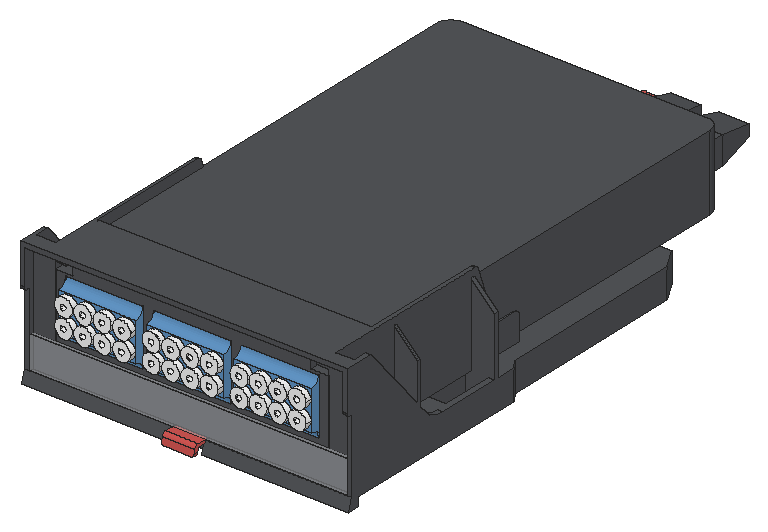
Revit family "Casetes MTP", category Installations électriques, Revit 2020
Family settings
  Conserver l'orientation des annotations = Non
  Cote de connecteur circulaire = Utiliser le diamètre
  Type d'élément = Normal
  Basée sur le plan de construction = Non
  Toujours verticalement = Oui
  Couper avec des vides une fois chargée = Non
  Partagée = Non
  Point de calcul de pièce = Non
Parameters (values of type "Casete MTP 24 LC OS2 panel HD Ultra")
  Formulación BIM = "Casete MTP 24 LC OS2 panel HD Ultra"
  Profundidad = 196 mm
  Altura = 43.7 mm
  Color = IDS_NOIR
  Tipo de conector interno = "MT/MPO"
  Temperatura operativa = "-10°C à 60°C"
  E-catalogo enlace = "https://www.legrand.fr/reference/032144/pro"
  Clasificación ETIM = "EC001130"
  Con conexiones flexibles = no
  Con placa delantera = no
  Adecuado para número de conectores = 24
  Conectores LC = Conectores LC : 24 fibras OS2 monomodal
  Elévation par défaut = 0 mm
  EAN = "3414970962188"
  Conectores SC = Conectores SC : 12 fibras OM4 multimodal
  Visibilidad de los conectores = Número de conectores parte delantera = 2  # yes
  Visibilidad conectores LC = yes
  Visibilidad conectores SC = no
  Con carcasa = yes
  Clase de la fibra óptica = "OS2"
  Cruzado = no
  Función = "Casete slim alta densidad MTP"
  Número de conectores parte delantera = 2
  Número de conectores parte trasera = 24
  Temperatura de almacenamiento = "-10°C à 60°C"
  Tipo de conector externo = "LC_DUPLEX"
  Tipo de la fibra óptica = "unimodal"
  Anchura (mm) = 110 mm
  Número de pieza Legrand = "032144"
Reference planes
  plane 1 "Centre (avant/arrière)": y = 0
  plane 2: z = 0
  plane 3 "Centre (gauche/droite)": x = 0
  plane 4: x = 110
  plane 5: x = 55
  plane 6: z = 10
  plane 7: z = 40.5
  plane 8: x = 8
  plane 9: y = 143
  plane 10: z = 37.3
  plane 11: x = 96
  plane 12: z = 29.3
  plane 13: y = 166.5
  plane 14: x = 80
  plane 15: x = 12.5
  plane 16: z = 13.8
  plane 17: y = 1.5
  plane 18: y = 27.5
  plane 19: z = 30
  plane 20: z = 38
  plane 21: z = 30
  plane 22: z = 38
  plane 23: z = 30
  plane 24: z = 38
  plane 25: z = 30
  plane 26: z = 38
Forms (mm)
  Extrusion 1, solid, material "IDS_NOIR" <- "Color"
    sketch origin (0, 0, 0) x (1, 0, 0) y (0, 1, 0)
      loop
        line (110, 0) -> (110, 68) -> (107.5, 71.441) -> (107.5, 135.5) -> (103.17, 143) -> (55, 143) -> (6.83, 143) -> (2.5, 135.5) -> (2.5, 71.441) -> (0, 68) -> (0, 0) -> (110, 0)
      loop
        line (2, 60) -> (2, 42) -> (10, 42) -> (10, 60) -> (2, 60)
      loop
        line (108, 60) -> (100, 60) -> (100, 42) -> (108, 42) -> (108, 60)
    from 0 to 10
  Extrusion 2, solid, material "IDS_NOIR" <- "Color"
    sketch origin (0, 0, 0) x (0, 1, 0) y (0, 0, 1)
      loop
        arc (38, 10) -> (33.774, 10.937) -> (30.34, 13.572) r 10
        line (30.34, 13.572) -> (7.744, 40.5) -> (-2, 40.5) -> (-2, 27)
        arc (-2, 27) -> (-1.707, 26.293) -> (-1, 26) r 1
        line (-1, 26) -> (0, 26) -> (0, 10) -> (38, 10)
    from 0 to 1.5
  Extrusion 3, solid, material "IDS_NOIR" <- "Color"
    sketch origin (110, 0, 0) x (0, 1, 0) y (0, 0, -1)
      loop
        line (38, -10) -> (0, -10) -> (0, -26) -> (-1, -26)
        arc (-1, -26) -> (-1.707, -26.293) -> (-2, -27) r 1
        line (-2, -27) -> (-2, -40.5) -> (7.744, -40.5) -> (30.34, -13.572)
        arc (30.34, -13.572) -> (33.774, -10.937) -> (38, -10) r 10
    from 0 to 1.5
  Extrusion 4, solid, material "IDS_NOIR" <- "Color"
    sketch origin (0, 45.834, 40.5) x (0, 1, 0) y (-1, 0, 0)
      loop
        line (-47.834, -1.5) -> (-47.834, -108.5) -> (-42.834, -108.5) -> (-42.834, -101) -> (-26.334, -101) -> (-26.334, -9) -> (-42.834, -9) -> (-42.834, -1.5) -> (-47.834, -1.5)
    from -1.5 to 0
  Extrusion 5, solid, material "IDS_NOIR" <- "Color"
    sketch origin (8, -1524, 47.803) x (0, 0, 1) y (0, -1, 0)
      loop
        line (-7.303, -1527) -> (-37.803, -1527) -> (-37.803, -1604) -> (-29.803, -1604)
        arc (-29.803, -1604) -> (-28.742, -1603.561) -> (-28.303, -1602.5) r 1.5
        line (-28.303, -1602.5) -> (-28.303, -1595.05)
        arc (-28.303, -1595.05) -> (-28.032, -1594.19) -> (-27.316, -1593.641) r 1.5
        line (-27.316, -1593.641) -> (-8.29, -1586.716)
        arc (-8.29, -1586.716) -> (-7.574, -1586.167) -> (-7.303, -1585.306) r 1.5
        line (-7.303, -1585.306) -> (-7.303, -1527)
    from 0 to 1
  Extrusion 6, solid, material "IDS_NOIR" <- "Color"
    sketch origin (102, -1524, 47.803) x (0, 0, 1) y (0, 1, 0)
      loop
        line (-7.303, 1527) -> (-7.303, 1585.306)
        arc (-7.303, 1585.306) -> (-7.574, 1586.167) -> (-8.29, 1586.716) r 1.5
        line (-8.29, 1586.716) -> (-27.316, 1593.641)
        arc (-27.316, 1593.641) -> (-28.032, 1594.19) -> (-28.303, 1595.05) r 1.5
        line (-28.303, 1595.05) -> (-28.303, 1602.5)
        arc (-28.303, 1602.5) -> (-28.742, 1603.561) -> (-29.803, 1604) r 1.5
        line (-29.803, 1604) -> (-37.803, 1604) -> (-37.803, 1527) -> (-7.303, 1527)
    from 0 to 1
  Extrusion 7, solid, material "IDS_NOIR" <- "Color"
    sketch origin (108.5, 3, 40.5) x (-1, 0, 0) y (0, 0, 1)
      loop
        line (107, -1.5) -> (0, -1.5) -> (0, -31.5) -> (107, -31.5) -> (107, -1.5)
      loop
        line (99.5, -4.5) -> (95.5, -4.5) -> (95.5, -2.7) -> (11.5, -2.7) -> (11.5, -4.5) -> (7.5, -4.5) -> (7.5, -28.5) -> (99.5, -28.5) -> (99.5, -4.5)
    from 0 to -1.5
  Extrusion 8, void
    sketch origin (0, 0, 0) x (1, 0, 0) y (0, 0, 1)
      loop
        line (1.5, 10) -> (1.5, 0) -> (108.5, 0) -> (108.5, 10) -> (1.5, 10)
    from 0 to -1.5
  Extrusion 9, solid, material "IDS_NOIR" <- "Color"
    sketch origin (0, 0, 0) x (0, 1, 0) y (0, 0, 1)
      loop
        line (0, 1) -> (-1.399, -3) -> (2.5, -3) -> (2.5, 1) -> (0, 1)
    from 0 to 110
  Extrusion 10, solid, material "IDS_TRANSPARENT"
    sketch origin (0, 0, 0) x (1, 0, 0) y (0, 0, 1)
      loop
        line (1.5, 1) -> (108.5, 1) -> (108.5, 12) -> (1.5, 12) -> (1.5, 1)
    from 0 to -1.5
  Extrusion 11, solid, material "IDS_NOIR"
    sketch origin (0, 207.846, 10) x (0, 1, 0) y (-1, 0, 0)
      loop
        line (-206.346, -9) -> (-206.346, -101) -> (-46.346, -101)
        arc (-46.346, -101) -> (-42.811, -99.536) -> (-41.346, -96) r 5
        line (-41.346, -96) -> (-41.346, -14)
        arc (-41.346, -14) -> (-42.811, -10.464) -> (-46.346, -9) r 5
        line (-46.346, -9) -> (-206.346, -9)
    from 2 to 27.3
  Extrusion 12, solid, material "IDS_NOIR" <- "Color"
    sketch origin (0, 178.814, 29.3) x (0, 1, 0) y (-1, 0, 0)
      loop
        line (-12.314, -96) -> (-5.514, -96) -> (-5.514, -83) -> (-12.314, -83) -> (-12.314, -96)
    from 0 to -9.5
  Blend 13, solid, material "IDS_NOIR" <- "Color"
    base sketch origin (0, 0, 0) x (1, 0, 0) y (0, 0, 1)
      loop
        line (94.5, 26.55) -> (84.5, 26.55) -> (84.5, 22.55) -> (94.5, 22.55) -> (94.5, 26.55)
    top sketch origin (0, 0, 0) x (1, 0, 0) y (0, 0, 1)
      loop
        line (96, 29.3) -> (83, 29.3) -> (83, 19.8) -> (96, 19.8) -> (96, 29.3)
    from -185.8 to -173.3
  Extrusion 14, solid, material "IDS_NOIR" <- "Color", visible <- "Visibilidad de los conectores"
    sketch origin (-16, 178.814, 29.3) x (0, 1, 0) y (-1, 0, 0)
      loop
        line (-12.314, -96) -> (-5.514, -96) -> (-5.514, -83) -> (-12.314, -83) -> (-12.314, -96)
    from 0 to -9.5
  Blend 15, solid, material "IDS_NOIR" <- "Color", visible <- "Visibilidad de los conectores"
    base sketch origin (-16, 0, 0) x (1, 0, 0) y (0, 0, 1)
      loop
        line (94.5, 26.55) -> (84.5, 26.55) -> (84.5, 22.55) -> (94.5, 22.55) -> (94.5, 26.55)
    top sketch origin (-16, 0, 0) x (1, 0, 0) y (0, 0, 1)
      loop
        line (96, 29.3) -> (83, 29.3) -> (83, 19.8) -> (96, 19.8) -> (96, 29.3)
    from -185.8 to -173.3
  Extrusion 16, void
    sketch origin (0, 1.5, 0) x (-1, 0, 0) y (0, 0, 1)
      loop
        line (-9, 37.8) -> (-15, 37.8) -> (-15, 33.8) -> (-9, 33.8) -> (-9, 37.8)
      loop
        line (-101, 37.8) -> (-101, 33.8) -> (-95, 33.8) -> (-95, 37.8) -> (-101, 37.8)
      loop
        line (-12.5, 32.8) -> (-38.5, 32.8) -> (-38.5, 13.8) -> (-12.5, 13.8) -> (-12.5, 32.8)
      loop
        line (-97.5, 32.8) -> (-97.5, 13.8) -> (-71.5, 13.8) -> (-71.5, 32.8) -> (-97.5, 32.8)
      loop
        line (-68, 32.8) -> (-68, 13.8) -> (-42, 13.8) -> (-42, 32.8) -> (-68, 32.8)
    from 0 to 8.6
  Extrusion 17, void
    sketch origin (0, 0, 0) x (1, 0, 0) y (0, 0, 1)
      loop
        line (49.5, -3) -> (60.5, -3) -> (60.5, 1) -> (49.5, 1) -> (49.5, -3)
    from -1.5 to 1.5
  Extrusion 18, solid, material "IDS_ROUGE"
    sketch origin (49.5, 0, -2.301) x (0, 0, -1) y (0, 1, 0)
      loop
        line (-3.301, 1.5) -> (-3.301, -2.7)
        arc (-3.301, -2.7) -> (-2.95, -3.664) -> (-2.061, -4.177) r 1.5
        line (-2.061, -4.177) -> (0.127, -4.563) -> (0.301, -3.578) -> (-1.64, -3.236)
        arc (-1.64, -3.236) -> (-2.114, -2.963) -> (-2.301, -2.448) r 0.8
        line (-2.301, -2.448) -> (-2.301, 1.5) -> (-3.301, 1.5)
    from 0 to 11
  Extrusion 19, void
    sketch origin (49.5, -3.973, 0.92) x (0, 0.173648, 0.984808) y (1, 0, 0)
      loop
        line (-3.399, 1) -> (-3.399, 0) -> (-2.399, 0)
        arc (-2.399, 0) -> (-3.107, 0.293) -> (-3.399, 1) r 1
      loop
        arc (-3.399, 10) -> (-3.107, 10.707) -> (-2.399, 11) r 1
        line (-2.399, 11) -> (-3.399, 11) -> (-3.399, 10)
    from 0 to 1
  Extrusion 20, solid, material "IDS_ROUGE"
    sketch origin (0, 207.846, 12) x (-1, 0, 0) y (0, 1, 0)
      loop
        arc (-49, -41.346) -> (-45.464, -39.882) -> (-44, -36.346) r 5
        line (-44, -36.346) -> (-44, -21.346)
        arc (-44, -21.346) -> (-45.464, -17.811) -> (-49, -16.346) r 5
        line (-49, -16.346) -> (-61, -16.346)
        arc (-61, -16.346) -> (-64.536, -17.811) -> (-66, -21.346) r 5
        line (-66, -21.346) -> (-66, -36.346)
        arc (-66, -36.346) -> (-64.536, -39.882) -> (-61, -41.346) r 5
        line (-61, -41.346) -> (-49, -41.346)
      loop
        arc (-45.2, -21.346) -> (-46.313, -18.659) -> (-49, -17.546) r 3.8
        line (-49, -17.546) -> (-61, -17.546)
        arc (-61, -17.546) -> (-63.687, -18.659) -> (-64.8, -21.346) r 3.8
        line (-64.8, -21.346) -> (-64.8, -36.346)
        arc (-64.8, -36.346) -> (-63.687, -39.033) -> (-61, -40.146) r 3.8
        line (-61, -40.146) -> (-49, -40.146)
        arc (-49, -40.146) -> (-46.313, -39.033) -> (-45.2, -36.346) r 3.8
        line (-45.2, -36.346) -> (-45.2, -21.346)
    from 0 to -5.5
  Extrusion 21, solid, material "IDS_ROUGE"
    sketch origin (0, 207.846, 12) x (0, -1, 0) y (-1, 0, 0)
      loop
        line (17.546, -49) -> (17.546, -61)
        arc (17.546, -61) -> (18.659, -63.687) -> (21.346, -64.8) r 3.8
        line (21.346, -64.8) -> (36.346, -64.8)
        arc (36.346, -64.8) -> (39.033, -63.687) -> (40.146, -61) r 3.8
        line (40.146, -61) -> (40.146, -49)
        arc (40.146, -49) -> (39.033, -46.313) -> (36.346, -45.2) r 3.8
        line (36.346, -45.2) -> (21.346, -45.2)
        arc (21.346, -45.2) -> (18.659, -46.313) -> (17.546, -49) r 3.8
      loop
        line (18.546, -53.5) -> (18.546, -56.5)
        arc (18.546, -56.5) -> (20.597, -61.45) -> (25.546, -63.5) r 7
        line (25.546, -63.5) -> (32.146, -63.5)
        arc (32.146, -63.5) -> (37.096, -61.45) -> (39.146, -56.5) r 7
        line (39.146, -56.5) -> (39.146, -53.5)
        arc (39.146, -53.5) -> (37.096, -48.55) -> (32.146, -46.5) r 7
        line (32.146, -46.5) -> (25.546, -46.5)
        arc (25.546, -46.5) -> (20.597, -48.55) -> (18.546, -53.5) r 7
    from 0 to -1.2
  Extrusion 22, solid, material "IDS_ROUGE"
    sketch origin (0, 0, 0) x (1, 0, 0) y (0, 1, 0)
      loop
        line (49, 191.5) -> (61, 191.5) -> (61, 197.5)
        arc (61, 197.5) -> (60.707, 198.207) -> (60, 198.5) r 1
        line (60, 198.5) -> (50, 198.5)
        arc (50, 198.5) -> (49.293, 198.207) -> (49, 197.5) r 1
        line (49, 197.5) -> (49, 191.5)
    from 15 to 12
  Extrusion 23, solid, material "IDS_NOIR" <- "Color"
    sketch origin (-16.315, 27.5, 1200) x (-1, 0, 0) y (0, 0, 1)
      loop
        line (-16.315, -1200) -> (-16.315, -1170) -> (-24.315, -1162) -> (-24.315, -1200) -> (-16.315, -1200)
      loop
        line (-126.315, -1200) -> (-118.315, -1200) -> (-118.315, -1162) -> (-126.315, -1170) -> (-126.315, -1200)
    from 0 to 1
  Extrusion 24, solid, material "IDS_NOIR" <- "Color"
    sketch origin (-16.315, 60, 1200) x (-1, 0, 0) y (0, 0, 1)
      loop
        line (-16.315, -1200) -> (-16.315, -1170) -> (-24.315, -1162) -> (-24.315, -1200) -> (-16.315, -1200)
      loop
        line (-126.315, -1200) -> (-118.315, -1200) -> (-118.315, -1162) -> (-126.315, -1170) -> (-126.315, -1200)
    from 0 to 1
Cuts and joins
  Extrusion 8, Extrusion 17 cuts Extrusion 1
  Extrusion 8, Extrusion 17 cuts Extrusion 2
  Extrusion 8, Extrusion 17 cuts Extrusion 3
  Extrusion 8, Extrusion 17 cuts Extrusion 4
  Extrusion 17 cuts Extrusion 5
  Extrusion 17 cuts Extrusion 6
  Extrusion 17 cuts Extrusion 7
  Extrusion 17 cuts Extrusion 9
  joined: Extrusion 1, Extrusion 2, Extrusion 3, Extrusion 4, Extrusion 5, Extrusion 6, Extrusion 7, Extrusion 9, Extrusion 23, Extrusion 24
  joined: Extrusion 12, Blend 13
  Extrusion 16 cuts Extrusion 11
  Extrusion 19 cuts Extrusion 18
  joined: Extrusion 20, Extrusion 21, Extrusion 22
Dimensions and locks
  "Anchura (mm)": plane 4 to plane 3 "Centre (gauche/droite)"
  equal spacing: plane 3 "Centre (gauche/droite)", plane 5, plane 4, locked at 55 each
  locked: Extrusion 1 sketch curve to plane 5 at 52.5  (x2)
  locked: Extrusion 1 sketch curve to Extrusion 1 sketch curve at 68  (x2)
  Extrusion 1 sketch curve to Extrusion 1 sketch curve = 7.5 mm  (x2)
  locked: Extrusion 1 sketch curve to Extrusion 1 sketch curve at 2  (x2)
  locked: Extrusion 1 sketch curve to Extrusion 1 sketch curve at 8  (x2)
  locked: Extrusion 1 sketch curve to Extrusion 1 sketch curve at 42  (x2)
  locked: Extrusion 1 sketch curve to Extrusion 1 sketch curve at 18  (x2)
  locked: plane 6 to plane 2 at 10
  plane 7 to level = 40.5 mm
  locked: Extrusion 2 sketch curve to Extrusion 2 sketch curve at 38
  Extrusion 2 sketch curve to Extrusion 2 sketch curve = 2 mm
  Extrusion 2 sketch curve to Extrusion 1 = 16 mm
  locked: Extrusion 3 sketch curve to Extrusion 3 sketch curve at 38
  Extrusion 3 sketch curve to Extrusion 3 sketch curve = 2 mm
  locked: Extrusion 4 sketch curve to Extrusion 4 sketch curve at 5
  locked: Extrusion 5 sketch curve to cut or joined group 1 (Extrusion 1, Extrusion 2, Extrusion 3, Extrusion 4, Extrusion 5, Extrusion 6, Extrusion 7, Extrusion 8, Extrusion 9, Extrusion 17, Extrusion 23, Extrusion 24) at 5
  locked: Extrusion 5 sketch curve to Extrusion 5 sketch curve at 77
  Extrusion 5 sketch curve to cut or joined group 1 = 9.5 mm
  Extrusion 5 sketch curve to Extrusion 5 sketch curve = 8.95 mm
  locked: plane 8 to plane 3 "Centre (gauche/droite)" at 8
  locked: Extrusion 6 sketch curve to Extrusion 6 sketch curve at 77
  Extrusion 6 sketch curve to Extrusion 6 sketch curve = 8.95 mm
  Extrusion 4 sketch curve to cut or joined group 1 = 21.5 mm
  locked: Extrusion 7 sketch curve to level at 12
  locked: Extrusion 7 sketch curve to Extrusion 7 sketch curve at 24
  locked: Extrusion 7 sketch curve to Extrusion 7 sketch curve at 1.8
  locked: Extrusion 7 sketch curve to Extrusion 7 sketch curve at 84
  cut or joined group 1 to cut or joined group 1 = 6.5 mm  (x2)
  locked: cut or joined group 1 to plane 3 "Centre (gauche/droite)" at 13
  locked: Extrusion 9 sketch curve to plane 1 "Centre (avant/arrière)" at 2.5
  locked: level to Extrusion 9 sketch curve at 3
  locked: Extrusion 9 sketch curve to Extrusion 9 sketch curve at 4
  plane 1 "Centre (avant/arrière)" to plane 9 = 143 mm
  locked: plane 10 to level at 37.3
  locked: plane 11 to Extrusion 11 at 5
  locked: Extrusion 12 sketch curve to Extrusion 11 at 6.8
  locked: Extrusion 12 sketch curve to plane 11 at 13
  plane 10 to plane 12 = 8 mm
  locked: Extrusion 12 to plane 12 at 9.5
  locked: plane 13 to plane 1 "Centre (avant/arrière)" at 166.5
  locked: Extrusion 14 sketch curve to plane 14 at 13
  Extrusion 16 sketch curve to Extrusion 16 sketch curve to plane 5 = 6 mm, 40 mm  (x2)
  locked: Extrusion 16 sketch curve to Extrusion 16 sketch curve at 4  (x2)
  locked: Extrusion 11 to Extrusion 16 sketch curve at 3.5
  locked: cut or joined group 1 to Extrusion 16 sketch curve at 5
  locked: Extrusion 16 sketch curve to Extrusion 16 sketch curve at 19  (x3)
  locked: Extrusion 16 sketch curve to Extrusion 16 sketch curve at 26  (x3)
  cut or joined group 1 to Extrusion 16 sketch curve = 5 mm
  Extrusion 11 to Extrusion 16 sketch curve = 3.5 mm
  locked: Extrusion 16 sketch curve to Extrusion 16 sketch curve at 3.5  (x2)
  locked: Extrusion 17 sketch curve to plane 5 at 5.5  (x2)
  cut or joined group 1 to Extrusion 18 sketch curve = 4 mm
  cut or joined group 1 to Extrusion 18 sketch curve = 2.7 mm
  locked: plane 5 to Extrusion 20 sketch curve at 11
  locked: Extrusion 20 sketch curve to plane 5 at 11
  locked: Extrusion 20 sketch curve to cut or joined group of Extrusion 11, Extrusion 16 at 25
  Extrusion 21 sketch curve to plane 5 = 8.5 mm
  plane 5 to Extrusion 21 sketch curve = 8.5 mm
  Extrusion 21 sketch curve to Extrusion 20 = 1 mm  (x2)
  Extrusion 22 sketch curve to cut or joined group of Extrusion 20, Extrusion 21, Extrusion 22 = 7 mm
  Extrusion 22 sketch curve to plane 5 = 6 mm
  plane 5 to Extrusion 22 sketch curve = 6 mm
  locked: plane 1 "Centre (avant/arrière)" to plane 18 at 27.5
  plane 19 to level = 30 mm
  plane 20 to level = 38 mm
  radius of Extrusion 2 sketch curve = 10 mm
  radius of Extrusion 3 sketch curve = 10 mm
  radius of Extrusion 11 sketch curve = 5 mm  (x2)
  radius of Extrusion 20 sketch curve = 5 mm  (x4)
  locked: Extrusion 1 sketch curve to Extrusion 1 sketch curve (angle 150.00°)  (x2)
  angle Extrusion 1 sketch curve to Extrusion 1 sketch curve = 144.00°  (x2)
  locked: Extrusion 2 sketch curve to Extrusion 2 sketch curve (angle 130.00°)
  angle Extrusion 3 sketch curve to Extrusion 3 sketch curve = 130.00°
  locked: Extrusion 5 sketch curve to Extrusion 5 sketch curve (angle 110.00°)
  angle Extrusion 6 sketch curve to Extrusion 6 sketch curve = 110.00°
  locked: Extrusion 18 sketch curve to Extrusion 18 sketch curve (angle 100.00°)
  aligned and locked: level to plane 2
  aligned and locked: plane 4 to Extrusion 1 sketch curve
  aligned and locked: Extrusion 1 sketch curve to plane 1 "Centre (avant/arrière)"
  aligned and locked: plane 3 "Centre (gauche/droite)" to Extrusion 1 sketch curve
  aligned and locked: plane 5 to Extrusion 1 sketch curve  (x2)
  aligned and locked: plane 6 to Extrusion 1
  aligned and locked: plane 6 to Extrusion 2 sketch curve
  aligned and locked: Extrusion 2 sketch curve to Extrusion 1
  aligned and locked: Extrusion 2 sketch curve to plane 7
  aligned and locked: Extrusion 3 to plane 4
  aligned and locked: cut or joined group 1 to Extrusion 4 sketch curve
  aligned and locked: Extrusion 4 sketch curve to cut or joined group 1  (x2)
  aligned and locked: plane 7 to Extrusion 4
  aligned and locked: plane 6 to Extrusion 5 sketch curve
  aligned and locked: Extrusion 5 sketch curve to plane 7
  aligned and locked: Extrusion 5 to plane 8
  aligned and locked: Extrusion 4 sketch curve to Extrusion 5
  aligned and locked: Extrusion 4 sketch curve to Extrusion 6
  aligned and locked: Extrusion 4 sketch curve to Extrusion 4 sketch curve
  aligned and locked: Extrusion 8 sketch curve to cut or joined group 1  (x3)
  aligned and locked: Extrusion 7 sketch curve to Extrusion 7 sketch curve
  aligned and locked: plane 1 "Centre (avant/arrière)" to Extrusion 9 sketch curve
  aligned and locked: Extrusion 9 to plane 4
  aligned and locked: Extrusion 10 sketch curve to cut or joined group 1  (x4)
  aligned and locked: Extrusion 10 to cut or joined group 1
  aligned and locked: Extrusion 1 sketch curve to plane 9
  aligned and locked: Extrusion 11 sketch curve to cut or joined group 1  (x3)
  aligned and locked: Extrusion 11 to plane 10
  aligned and locked: plane 11 to Extrusion 12 sketch curve
  aligned and locked: Blend 13 sketch curve to Extrusion 12  (x4)
  aligned and locked: Blend 13 to Extrusion 12
  aligned and locked: plane 13 to Extrusion 11
  aligned and locked: plane 13 to Extrusion 11 sketch curve
  aligned and locked: plane 14 to Extrusion 14 sketch curve
  aligned and locked: Blend 15 sketch curve to Extrusion 14  (x4)
  aligned and locked: Blend 15 to Extrusion 14
  aligned and locked: Extrusion 11 to cut or joined group 1
  aligned and locked: plane 16 to cut or joined group of Extrusion 11, Extrusion 16
  aligned and locked: plane 15 to cut or joined group of Extrusion 11, Extrusion 16
  aligned and locked: plane 17 to cut or joined group 1
  aligned and locked: cut or joined group 1 to Extrusion 17 sketch curve  (x2)
  aligned and locked: Extrusion 7 to Extrusion 17
  aligned and locked: plane 17 to Extrusion 18 sketch curve  (x2)
  aligned and locked: cut or joined group 1 to Extrusion 18
  aligned and locked: Extrusion 18 to Extrusion 19
  aligned and locked: Extrusion 20 sketch curve to plane 13
  aligned and locked: Extrusion 21 sketch curve to Extrusion 20  (x2)
  aligned and locked: Extrusion 22 sketch curve to cut or joined group of Extrusion 20, Extrusion 21, Extrusion 22
  aligned and locked: plane 15 to nested 1
  aligned and locked: plane 15 to nested 2
  aligned and locked: nested 2 to nested 1
  aligned and locked: Extrusion 23 sketch curve to plane 3 "Centre (gauche/droite)"
  aligned and locked: plane 8 to Extrusion 23 sketch curve
  aligned and locked: Extrusion 23 sketch curve to plane 2
Automatic sketch dimensions
  Extrusion 2 sketch curve to plane 6 = 0 mm
  Extrusion 2 sketch curve to Extrusion 2 sketch curve = 1 mm
  Extrusion 2 sketch curve to plane 16 = 0.228 mm
  Extrusion 2 sketch curve to Extrusion 2 sketch curve = 0 mm
  Extrusion 3 sketch curve to plane 7 = 0 mm
  Extrusion 3 sketch curve to plane 1 "Centre (avant/arrière)" = 0 mm
  Extrusion 3 sketch curve to plane 6 = 0 mm  (x2)
  Extrusion 3 sketch curve to Extrusion 3 sketch curve = 1 mm
  Extrusion 3 sketch curve to plane 16 = 0.228 mm
  Extrusion 3 sketch curve to plane 12 = 2.3 mm
  Extrusion 3 sketch curve to Extrusion 3 sketch curve = 0 mm
  Extrusion 5 sketch curve to Extrusion 5 sketch curve = 1.5 mm  (x2)
  Extrusion 5 sketch curve to Extrusion 5 sketch curve = 0.987 mm
  Extrusion 6 sketch curve to plane 6 = 0 mm
  Extrusion 6 sketch curve to plane 7 = 0 mm
  plane 16 to Extrusion 6 sketch curve = 4.2 mm
  Extrusion 6 sketch curve to Extrusion 6 sketch curve = 1.5 mm  (x2)
  Extrusion 6 sketch curve to Extrusion 6 sketch curve = 0.987 mm
  plane 17 to Extrusion 6 sketch curve = 1.5 mm
  Extrusion 7 sketch curve to Extrusion 4 = 0 mm  (x3)
  Extrusion 4 to Extrusion 7 sketch curve = 4 mm
  Extrusion 7 sketch curve to Extrusion 7 sketch curve = 4 mm
  Extrusion 7 sketch curve to Extrusion 7 sketch curve = 7.5 mm
  Extrusion 7 sketch curve to Extrusion 7 sketch curve = 3 mm
  plane 4 to Extrusion 8 sketch curve = 1.5 mm
  plane 1 "Centre (avant/arrière)" to Extrusion 9 sketch curve = 1.399 mm
  Extrusion 11 sketch curve to Extrusion 11 sketch curve = 0 mm  (x2)
  Extrusion 12 sketch curve to plane 13 = 0 mm
  Blend 13 sketch curve to plane 12 = 2.75 mm
  plane 4 to Blend 13 sketch curve = 25.5 mm
  Blend 13 sketch curve to Blend 13 sketch curve = 10 mm
  Blend 13 sketch curve to Blend 13 sketch curve = 4 mm
  Extrusion 14 sketch curve to plane 13 = 0 mm
  Extrusion 14 sketch curve to Extrusion 14 sketch curve = 6.8 mm
  Blend 15 sketch curve to plane 12 = 2.75 mm
  plane 5 to Blend 15 sketch curve = 13.5 mm
  Blend 15 sketch curve to Blend 15 sketch curve = 10 mm
  Blend 15 sketch curve to Blend 15 sketch curve = 4 mm
  Extrusion 16 sketch curve to Extrusion 16 sketch curve = 0 mm
  Extrusion 16 sketch curve to Extrusion 16 sketch curve = 1 mm  (x2)
  Extrusion 17 to Extrusion 18 sketch curve = 1 mm
  Extrusion 17 to Extrusion 18 sketch curve = 1.24 mm
  Extrusion 18 sketch curve to Extrusion 18 sketch curve = 0.161 mm
  Extrusion 18 sketch curve to Extrusion 17 = 0.572 mm
  Extrusion 18 sketch curve to Extrusion 17 = 0.398 mm
  Extrusion 18 to Extrusion 19 sketch curve = 0 mm  (x2)
  Extrusion 19 sketch curve to Extrusion 18 = 0 mm  (x2)
  Extrusion 18 to Extrusion 19 sketch curve = 1 mm  (x2)
  Extrusion 20 sketch curve to Extrusion 20 sketch curve = 0 mm  (x7)
  Extrusion 20 sketch curve to Extrusion 20 sketch curve = 1.2 mm
  Extrusion 20 to Extrusion 21 sketch curve = 0 mm
  Extrusion 21 sketch curve to Extrusion 21 sketch curve = 4.2 mm  (x2)
  Extrusion 21 sketch curve to Extrusion 21 sketch curve = 6.6 mm
  Extrusion 21 sketch curve to Extrusion 21 sketch curve = 0 mm
  Extrusion 21 sketch curve to Extrusion 20 = 3.8 mm  (x2)
  Extrusion 22 sketch curve to Extrusion 22 sketch curve = 1 mm  (x2)
  Extrusion 23 sketch curve to level = 0 mm
  plane 4 to Extrusion 23 sketch curve = 0 mm
  Extrusion 23 sketch curve to plane 20 = 0 mm  (x2)
  Extrusion 23 sketch curve to plane 19 = 0 mm  (x2)
  plane 4 to Extrusion 23 sketch curve = 8 mm
  Extrusion 24 sketch curve to level = 0 mm  (x2)
  plane 4 to Extrusion 24 sketch curve = 0 mm
  Extrusion 24 sketch curve to plane 24 = 0 mm  (x2)
  Extrusion 24 sketch curve to plane 8 = 0 mm
  Extrusion 24 sketch curve to plane 3 "Centre (gauche/droite)" = 0 mm
  Extrusion 24 sketch curve to plane 23 = 0 mm  (x2)
  plane 4 to Extrusion 24 sketch curve = 8 mm
Nested families
  nested 1: "Conectores LC" at (12.5, -1.5, 13.8), type <- "Conectores LC", visible <- "Visibilidad conectores LC", type "24 fibras OS2 monomodal"
  nested 2: "Conectores SC" at (12.5, -1.5, 13.8), type <- "Conectores SC", visible <- "Visibilidad conectores SC", type "12 fibras OM4 multimodal"
Definition of nested family "Conectores LC"
  Parameters (values of type "24 fibres OS2 monomode")
    IDS_COULEUR = none
    Default Elevation = 0 mm
    Nombre de connecteurs = 24
    Visibilité cachée = Nombre de connecteurs = 12  # no
    Connecteurs cachés = if(Nombre de connecteurs = 12, 13.8 mm, -1 mm)  # -1 mm
  Types (4, lengths in mm): name | Nombre de connecteurs | Visibilité cachée | Connecteurs cachés
    24 fibres OM4 multi mode | 24 | no | -1
    24 fibres OS2 monomode | 24 | no | -1
    12 fibres OM4 multimode | 12 | yes | 13.8
    12 fibres OS2 monomode | 12 | yes | 13.8
  Reference planes
    plane 1 "Centre (avant/arrière)": y = 0
    plane 2: z = 0
    plane 3 "Centre (gauche/droite)": x = 0
    plane 4: z = 19
    plane 5: x = 85
    plane 6: y = 11.6
    plane 7: x = 26
    plane 8: x = 29.5
    plane 9: x = 55.5
    plane 10: x = 59
    plane 11: z = 9.5
    plane 12: x = 13
    plane 13: x = 6.5
    plane 14: z = 12.75
    plane 15: x = 3.25
    plane 16: x = 9.75
    plane 17: x = 22.75
    plane 18: x = 16.25
    plane 19: y = 3
    plane 20: x = 13
    plane 21: x = 6.5
    plane 22: z = 6.25
    plane 23: x = 3.25
    plane 24: x = 9.75
    plane 25: x = 22.75
    plane 26: x = 16.25
    plane 27: x = 42.5
    plane 28: x = 36
    plane 29: z = 12.75
    plane 30: x = 32.75
    plane 31: x = 39.25
    plane 32: x = 52.25
    plane 33: x = 45.75
    plane 34: x = 42.5
    plane 35: x = 36
    plane 36: z = 6.25
    plane 37: x = 32.75
    plane 38: x = 39.25
    plane 39: x = 52.25
    plane 40: x = 45.75
    plane 41: x = 72
    plane 42: x = 65.5
    plane 43: z = 12.75
    plane 44: x = 62.25
    plane 45: x = 68.75
    plane 46: x = 81.75
    plane 47: x = 75.25
    plane 48: x = 72
    plane 49: x = 65.5
    plane 50: z = 6.25
    plane 51: x = 62.25
    plane 52: x = 68.75
    plane 53: x = 81.75
    plane 54: x = 75.25
  Forms (mm)
    Extrusion 1, solid, material <- "IDS_COULEUR"
      sketch origin (0, 0, 0) x (0, 1, 0) y (0, 0, 1)
        loop
          line (3, 0) -> (11.6, 0) -> (11.6, 19) -> (3, 19)
          arc (3, 19) -> (2.121, 16.879) -> (0, 16) r 3
          line (0, 16) -> (0, 3)
          arc (0, 3) -> (2.121, 2.121) -> (3, 0) r 3
      from 0 to 26
    Extrusion 2, solid
      sketch origin (0, 0, 0) x (1, 0, 0) y (0, 0, 1)
        loop
          circle (3.25, 12.75) r 3
        loop
          circle (9.75, 12.75) r 3
        loop
          circle (16.25, 12.75) r 3
        loop
          circle (22.75, 12.75) r 3
        loop
          circle (3.25, 12.75) r 1
        loop
          circle (9.75, 12.75) r 1
        loop
          circle (16.25, 12.75) r 1
        loop
          circle (22.75, 12.75) r 1
      from 0 to 2
    Extrusion 3, solid
      sketch origin (0, 0, 19) x (1, 0, 0) y (0, 0, 1)
        loop
          circle (3.25, -12.75) r 3
        loop
          circle (9.75, -12.75) r 3
        loop
          circle (16.25, -12.75) r 3
        loop
          circle (22.75, -12.75) r 3
        loop
          circle (3.25, -12.75) r 1
        loop
          circle (9.75, -12.75) r 1
        loop
          circle (16.25, -12.75) r 1
        loop
          circle (22.75, -12.75) r 1
      from 0 to 2
    Extrusion 4, solid, material <- "IDS_COULEUR"
      sketch origin (29.5, 0, 0) x (0, 1, 0) y (0, 0, 1)
        loop
          line (3, 0) -> (11.6, 0) -> (11.6, 19) -> (3, 19)
          arc (3, 19) -> (2.121, 16.879) -> (0, 16) r 3
          line (0, 16) -> (0, 3)
          arc (0, 3) -> (2.121, 2.121) -> (3, 0) r 3
      from 0 to 26
    Extrusion 5, solid
      sketch origin (29.5, 0, 0) x (1, 0, 0) y (0, 0, 1)
        loop
          circle (3.25, 12.75) r 3
        loop
          circle (9.75, 12.75) r 3
        loop
          circle (16.25, 12.75) r 3
        loop
          circle (22.75, 12.75) r 3
        loop
          circle (3.25, 12.75) r 1
        loop
          circle (9.75, 12.75) r 1
        loop
          circle (16.25, 12.75) r 1
        loop
          circle (22.75, 12.75) r 1
      from 0 to 2
    Extrusion 6, solid
      sketch origin (29.5, 0, 19) x (1, 0, 0) y (0, 0, 1)
        loop
          circle (3.25, -12.75) r 3
        loop
          circle (9.75, -12.75) r 3
        loop
          circle (16.25, -12.75) r 3
        loop
          circle (22.75, -12.75) r 3
        loop
          circle (3.25, -12.75) r 1
        loop
          circle (9.75, -12.75) r 1
        loop
          circle (16.25, -12.75) r 1
        loop
          circle (22.75, -12.75) r 1
      from 0 to 2
    Extrusion 7, solid, material <- "IDS_COULEUR"
      sketch origin (59, 0, 0) x (0, 1, 0) y (0, 0, 1)
        loop
          line (3, 0) -> (11.6, 0) -> (11.6, 19) -> (3, 19)
          arc (3, 19) -> (2.121, 16.879) -> (0, 16) r 3
          line (0, 16) -> (0, 3)
          arc (0, 3) -> (2.121, 2.121) -> (3, 0) r 3
      from 0 to 26
    Extrusion 8, solid
      sketch origin (59, 0, 0) x (1, 0, 0) y (0, 0, 1)
        loop
          circle (3.25, 12.75) r 3
        loop
          circle (9.75, 12.75) r 3
        loop
          circle (16.25, 12.75) r 3
        loop
          circle (22.75, 12.75) r 3
        loop
          circle (3.25, 12.75) r 1
        loop
          circle (9.75, 12.75) r 1
        loop
          circle (16.25, 12.75) r 1
        loop
          circle (22.75, 12.75) r 1
      from 0 to 2
    Extrusion 9, solid
      sketch origin (59, 0, 19) x (1, 0, 0) y (0, 0, 1)
        loop
          circle (3.25, -12.75) r 3
        loop
          circle (9.75, -12.75) r 3
        loop
          circle (16.25, -12.75) r 3
        loop
          circle (22.75, -12.75) r 3
        loop
          circle (3.25, -12.75) r 1
        loop
          circle (9.75, -12.75) r 1
        loop
          circle (16.25, -12.75) r 1
        loop
          circle (22.75, -12.75) r 1
      from 0 to 2
    Extrusion 10, solid, visible <- "Visibilité cachée"
      sketch origin (0, 0, 0) x (1, 0, 0) y (0, 0, 1)
        loop
          line (0, 0) -> (26, 0) -> (26, 9.5) -> (0, 9.5) -> (0, 0)
        loop
          line (29.5, 0) -> (55.5, 0) -> (55.5, 9.5) -> (29.5, 9.5) -> (29.5, 0)
        loop
          line (59, 0) -> (85, 0) -> (85, 9.5) -> (59, 9.5) -> (59, 0)
      from -3 to -11.6
    Extrusion 11, void
      sketch origin (-66.882, 11.6, 1200) x (1, 0, 0) y (0, 0, 1)
        loop
          line (66.882, -1200) -> (151.882, -1200) -> (151.882, -1190.5) -> (66.882, -1190.5) -> (66.882, -1200)
      from 0 to -1 <- "Connecteurs cachés"
  Cuts and joins
    Extrusion 11 cuts Extrusion 1
    Extrusion 11 cuts Extrusion 3
    Extrusion 11 cuts Extrusion 4
    Extrusion 11 cuts Extrusion 6
    Extrusion 11 cuts Extrusion 7
    Extrusion 11 cuts Extrusion 9
  Dimensions and locks
    locked: plane 5 to plane 3 "Centre (gauche/droite)" at 85
    locked: plane 4 to plane 2 at 19
    locked: plane 6 to plane 1 "Centre (avant/arrière)" at 11.6
    locked: plane 8 to plane 7 at 3.5
    locked: plane 7 to plane 3 "Centre (gauche/droite)" at 26
    locked: plane 8 to plane 9 at 26
    locked: plane 10 to plane 9 at 3.5
    plane 5 to plane 10 = 26 mm
    equal spacing: plane 2, plane 11, plane 4, locked at 9.5 each
    equal spacing: plane 3 "Centre (gauche/droite)", plane 12, plane 7
    equal spacing: Extrusion 1, plane 13, plane 12
    equal spacing: Extrusion 1, plane 14, plane 11
    equal spacing: plane 3 "Centre (gauche/droite)", plane 15, plane 13
    equal spacing: plane 12, plane 16, plane 13
    plane 21 to plane 20 = 6.5 mm
    plane 23 to plane 21 = 3.25 mm
    equal spacing: plane 20, plane 24, plane 21
    equal spacing: Extrusion 4, plane 28, plane 27
    Extrusion 4 to plane 29 = 3.25 mm
    plane 30 to plane 28 = 3.25 mm
    equal spacing: plane 27, plane 31, plane 28
    plane 35 to plane 34 = 6.5 mm
    plane 37 to plane 35 = 3.25 mm
    equal spacing: plane 34, plane 38, plane 35
    equal spacing: Extrusion 7, plane 42, plane 41
    Extrusion 7 to plane 43 = 3.25 mm
    plane 44 to plane 42 = 3.25 mm
    equal spacing: plane 41, plane 45, plane 42
    plane 49 to plane 48 = 6.5 mm
    plane 51 to plane 49 = 3.25 mm
    equal spacing: plane 48, plane 52, plane 49
    Extrusion 11 to level = 9.5 mm
    aligned and locked: level to plane 2
    aligned and locked: Extrusion 1 sketch curve to level
    aligned and locked: plane 6 to Extrusion 1 sketch curve
    aligned and locked: plane 4 to Extrusion 1 sketch curve
    aligned and locked: plane 1 "Centre (avant/arrière)" to Extrusion 1 sketch curve
    aligned and locked: plane 7 to Extrusion 1
    aligned and locked: Extrusion 10 sketch curve to Extrusion 1  (x2)
    aligned and locked: Extrusion 1 to Extrusion 10 sketch curve
    aligned and locked: plane 11 to Extrusion 10 sketch curve  (x3)
    aligned and locked: Extrusion 10 sketch curve to Extrusion 4  (x2)
    aligned and locked: Extrusion 4 to Extrusion 10 sketch curve
    aligned and locked: Extrusion 10 sketch curve to plane 2
    aligned and locked: Extrusion 7 to Extrusion 10 sketch curve
    aligned and locked: Extrusion 10 sketch curve to Extrusion 7
    aligned and locked: plane 6 to Extrusion 10
    aligned and locked: Extrusion 11 sketch curve to Extrusion 1
    aligned and locked: Extrusion 1 to Extrusion 11 sketch curve
    aligned and locked: Extrusion 11 sketch curve to Extrusion 10  (x2)
    aligned and locked: plane 19 to Extrusion 10
  Automatic sketch dimensions
    Extrusion 1 sketch curve to plane 19 = 0 mm  (x2)
    Extrusion 2 sketch curve to Extrusion 2 sketch curve = 0 mm  (x8)
    Extrusion 2 sketch curve to plane 14 = 0 mm  (x4)
    Extrusion 2 sketch curve to plane 15 = 0 mm
    plane 16 to Extrusion 2 sketch curve = 0 mm
    Extrusion 2 sketch curve to plane 18 = 0 mm
    plane 17 to Extrusion 2 sketch curve = 0 mm
    Extrusion 3 sketch curve to Extrusion 3 sketch curve = 0 mm  (x8)
    Extrusion 3 sketch curve to plane 22 = 0 mm  (x4)
    Extrusion 3 sketch curve to plane 23 = 0 mm
    plane 24 to Extrusion 3 sketch curve = 0 mm
    Extrusion 3 sketch curve to plane 26 = 0 mm
    plane 25 to Extrusion 3 sketch curve = 0 mm
    Extrusion 4 sketch curve to plane 1 "Centre (avant/arrière)" = 0 mm
    Extrusion 4 sketch curve to level = 0 mm
    Extrusion 4 sketch curve to plane 19 = 0 mm  (x2)
    Extrusion 4 sketch curve to plane 4 = 0 mm
    Extrusion 4 sketch curve to plane 6 = 0 mm
    Extrusion 5 sketch curve to Extrusion 5 sketch curve = 0 mm  (x8)
    Extrusion 5 sketch curve to plane 29 = 0 mm  (x4)
    Extrusion 5 sketch curve to plane 30 = 0 mm
    plane 31 to Extrusion 5 sketch curve = 0 mm
    Extrusion 5 sketch curve to plane 33 = 0 mm
    plane 32 to Extrusion 5 sketch curve = 0 mm
    Extrusion 6 sketch curve to Extrusion 6 sketch curve = 0 mm  (x8)
    Extrusion 6 sketch curve to plane 36 = 0 mm  (x4)
    Extrusion 6 sketch curve to plane 37 = 0 mm
    plane 38 to Extrusion 6 sketch curve = 0 mm
    Extrusion 6 sketch curve to plane 40 = 0 mm
    plane 39 to Extrusion 6 sketch curve = 0 mm
    Extrusion 7 sketch curve to plane 1 "Centre (avant/arrière)" = 0 mm
    Extrusion 7 sketch curve to level = 0 mm
    Extrusion 7 sketch curve to plane 19 = 0 mm  (x2)
    Extrusion 7 sketch curve to plane 4 = 0 mm
    Extrusion 7 sketch curve to plane 6 = 0 mm
    Extrusion 8 sketch curve to Extrusion 8 sketch curve = 0 mm  (x8)
    Extrusion 8 sketch curve to plane 43 = 0 mm  (x4)
    Extrusion 8 sketch curve to plane 44 = 0 mm
    plane 45 to Extrusion 8 sketch curve = 0 mm
    Extrusion 8 sketch curve to plane 47 = 0 mm
    plane 46 to Extrusion 8 sketch curve = 0 mm
    Extrusion 9 sketch curve to Extrusion 9 sketch curve = 0 mm  (x8)
    Extrusion 9 sketch curve to plane 50 = 0 mm  (x4)
    Extrusion 9 sketch curve to plane 51 = 0 mm
    plane 52 to Extrusion 9 sketch curve = 0 mm
    Extrusion 9 sketch curve to plane 54 = 0 mm
    plane 53 to Extrusion 9 sketch curve = 0 mm
    radius of Extrusion 2 sketch curve = 3 mm  (x4)
    radius of Extrusion 2 sketch curve = 1 mm  (x4)
    radius of Extrusion 3 sketch curve = 3 mm  (x4)
    radius of Extrusion 3 sketch curve = 1 mm  (x4)
    radius of Extrusion 5 sketch curve = 3 mm  (x4)
    radius of Extrusion 5 sketch curve = 1 mm  (x4)
    radius of Extrusion 6 sketch curve = 3 mm  (x4)
    radius of Extrusion 6 sketch curve = 1 mm  (x4)
    radius of Extrusion 8 sketch curve = 3 mm  (x4)
    radius of Extrusion 8 sketch curve = 1 mm  (x4)
    radius of Extrusion 9 sketch curve = 3 mm  (x4)
    radius of Extrusion 9 sketch curve = 1 mm  (x4)
Definition of nested family "Conectores SC"
  Parameters (values of type "12 fibres OS2 monomode")
    IDS_COULEUR = none
    Default Elevation = 0 mm
    Number of connectors = 12
    Visibility hidden = Number of connectors = 12  # yes
    Connectors hidden = if(Number of connectors = 12, 13.8 mm, -1 mm)  # 13.8 mm
  Types (2): name
    12 fibres OM4 multimode
    12 fibres OS2 monomode
  Reference planes
    plane 1 "Centre (avant/arrière)": y = 0
    plane 2: z = 0
    plane 3 "Centre (gauche/droite)": x = 0
    plane 4: z = 19
    plane 5: x = 85
    plane 6: y = 11.6
    plane 7: x = 26
    plane 8: x = 29.5
    plane 9: x = 55.5
    plane 10: x = 59
    plane 11: z = 9.5
    plane 12: y = 3
    plane 13: x = 13
    plane 14: x = 26
    plane 15: x = 13
    plane 16: x = 26
    plane 17: x = 42.5
    plane 18: x = 55.5
    plane 19: x = 42.5
    plane 20: x = 55.5
    plane 21: x = 72
    plane 22: x = 85
    plane 23: x = 72
    plane 24: x = 85
  Forms (mm)
    Extrusion 1, solid, material <- "IDS_COULEUR"
      sketch origin (0, 0, 0) x (0, 1, 0) y (0, 0, 1)
        loop
          line (11.6, 0) -> (11.6, 19) -> (0, 19) -> (0, 0) -> (11.6, 0)
      from 0 to 26
    Extrusion 2, solid
      sketch origin (0, 0, 0) x (1, 0, 0) y (0, 0, 1)
        loop
          line (0, 9.5) -> (13, 9.5) -> (13, 19) -> (0, 19) -> (0, 9.5)
      from 0 to 2
    Extrusion 3, void
      sketch origin (0, -2, 0) x (-1, 0, 0) y (0, 0, 1)
        loop
          line (-1.5, 17.5) -> (-11.5, 17.5) -> (-11.5, 11) -> (-1.5, 11) -> (-1.5, 17.5)
      from 0 to 1.3
    Extrusion 4, solid
      sketch origin (13, 0, 0) x (1, 0, 0) y (0, 0, 1)
        loop
          line (0, 9.5) -> (13, 9.5) -> (13, 19) -> (0, 19) -> (0, 9.5)
      from 0 to 2
    Extrusion 5, void
      sketch origin (13, -2, 0) x (-1, 0, 0) y (0, 0, 1)
        loop
          line (-1.5, 17.5) -> (-11.5, 17.5) -> (-11.5, 11) -> (-1.5, 11) -> (-1.5, 17.5)
      from 0 to 1.3
    Extrusion 6, solid
      sketch origin (0, 0, -9.5) x (1, 0, 0) y (0, 0, 1)
        loop
          line (0, 9.5) -> (13, 9.5) -> (13, 19) -> (0, 19) -> (0, 9.5)
      from 0 to 2
    Extrusion 7, void
      sketch origin (0, -2, -9.5) x (-1, 0, 0) y (0, 0, 1)
        loop
          line (-1.5, 17.5) -> (-11.5, 17.5) -> (-11.5, 11) -> (-1.5, 11) -> (-1.5, 17.5)
      from 0 to 1.3
    Extrusion 8, solid
      sketch origin (13, 0, -9.5) x (1, 0, 0) y (0, 0, 1)
        loop
          line (0, 9.5) -> (13, 9.5) -> (13, 19) -> (0, 19) -> (0, 9.5)
      from 0 to 2
    Extrusion 9, void
      sketch origin (13, -2, -9.5) x (-1, 0, 0) y (0, 0, 1)
        loop
          line (-1.5, 17.5) -> (-11.5, 17.5) -> (-11.5, 11) -> (-1.5, 11) -> (-1.5, 17.5)
      from 0 to 1.3
    Extrusion 10, solid, material <- "IDS_COULEUR"
      sketch origin (29.5, 0, 0) x (0, 1, 0) y (0, 0, 1)
        loop
          line (11.6, 0) -> (11.6, 19) -> (0, 19) -> (0, 0) -> (11.6, 0)
      from 0 to 26
    Extrusion 11, solid
      sketch origin (29.5, 0, 0) x (1, 0, 0) y (0, 0, 1)
        loop
          line (0, 9.5) -> (13, 9.5) -> (13, 19) -> (0, 19) -> (0, 9.5)
      from 0 to 2
    Extrusion 12, void
      sketch origin (29.5, -2, 0) x (-1, 0, 0) y (0, 0, 1)
        loop
          line (-1.5, 17.5) -> (-11.5, 17.5) -> (-11.5, 11) -> (-1.5, 11) -> (-1.5, 17.5)
      from 0 to 1.3
    Extrusion 13, solid
      sketch origin (42.5, 0, 0) x (1, 0, 0) y (0, 0, 1)
        loop
          line (0, 9.5) -> (13, 9.5) -> (13, 19) -> (0, 19) -> (0, 9.5)
      from 0 to 2
    Extrusion 14, void
      sketch origin (42.5, -2, 0) x (-1, 0, 0) y (0, 0, 1)
        loop
          line (-1.5, 17.5) -> (-11.5, 17.5) -> (-11.5, 11) -> (-1.5, 11) -> (-1.5, 17.5)
      from 0 to 1.3
    Extrusion 15, solid
      sketch origin (29.5, 0, -9.5) x (1, 0, 0) y (0, 0, 1)
        loop
          line (0, 9.5) -> (13, 9.5) -> (13, 19) -> (0, 19) -> (0, 9.5)
      from 0 to 2
    Extrusion 16, void
      sketch origin (29.5, -2, -9.5) x (-1, 0, 0) y (0, 0, 1)
        loop
          line (-1.5, 17.5) -> (-11.5, 17.5) -> (-11.5, 11) -> (-1.5, 11) -> (-1.5, 17.5)
      from 0 to 1.3
    Extrusion 17, solid
      sketch origin (42.5, 0, -9.5) x (1, 0, 0) y (0, 0, 1)
        loop
          line (0, 9.5) -> (13, 9.5) -> (13, 19) -> (0, 19) -> (0, 9.5)
      from 0 to 2
    Extrusion 18, void
      sketch origin (42.5, -2, -9.5) x (-1, 0, 0) y (0, 0, 1)
        loop
          line (-1.5, 17.5) -> (-11.5, 17.5) -> (-11.5, 11) -> (-1.5, 11) -> (-1.5, 17.5)
      from 0 to 1.3
    Extrusion 19, solid, material <- "IDS_COULEUR"
      sketch origin (59, 0, 0) x (0, 1, 0) y (0, 0, 1)
        loop
          line (11.6, 0) -> (11.6, 19) -> (0, 19) -> (0, 0) -> (11.6, 0)
      from 0 to 26
    Extrusion 20, solid
      sketch origin (59, 0, 0) x (1, 0, 0) y (0, 0, 1)
        loop
          line (0, 9.5) -> (13, 9.5) -> (13, 19) -> (0, 19) -> (0, 9.5)
      from 0 to 2
    Extrusion 21, void
      sketch origin (59, -2, 0) x (-1, 0, 0) y (0, 0, 1)
        loop
          line (-1.5, 17.5) -> (-11.5, 17.5) -> (-11.5, 11) -> (-1.5, 11) -> (-1.5, 17.5)
      from 0 to 1.3
    Extrusion 22, solid
      sketch origin (72, 0, 0) x (1, 0, 0) y (0, 0, 1)
        loop
          line (0, 9.5) -> (13, 9.5) -> (13, 19) -> (0, 19) -> (0, 9.5)
      from 0 to 2
    Extrusion 23, void
      sketch origin (72, -2, 0) x (-1, 0, 0) y (0, 0, 1)
        loop
          line (-1.5, 17.5) -> (-11.5, 17.5) -> (-11.5, 11) -> (-1.5, 11) -> (-1.5, 17.5)
      from 0 to 1.3
    Extrusion 24, solid
      sketch origin (59, 0, -9.5) x (1, 0, 0) y (0, 0, 1)
        loop
          line (0, 9.5) -> (13, 9.5) -> (13, 19) -> (0, 19) -> (0, 9.5)
      from 0 to 2
    Extrusion 25, void
      sketch origin (59, -2, -9.5) x (-1, 0, 0) y (0, 0, 1)
        loop
          line (-1.5, 17.5) -> (-11.5, 17.5) -> (-11.5, 11) -> (-1.5, 11) -> (-1.5, 17.5)
      from 0 to 1.3
    Extrusion 26, solid
      sketch origin (72, 0, -9.5) x (1, 0, 0) y (0, 0, 1)
        loop
          line (0, 9.5) -> (13, 9.5) -> (13, 19) -> (0, 19) -> (0, 9.5)
      from 0 to 2
    Extrusion 27, void
      sketch origin (72, -2, -9.5) x (-1, 0, 0) y (0, 0, 1)
        loop
          line (-1.5, 17.5) -> (-11.5, 17.5) -> (-11.5, 11) -> (-1.5, 11) -> (-1.5, 17.5)
      from 0 to 1.3
  Cuts and joins
    Extrusion 3 cuts Extrusion 1
    Extrusion 3, Extrusion 5, Extrusion 12 cuts Extrusion 2
    Extrusion 5, Extrusion 7, Extrusion 14 cuts Extrusion 4
    Extrusion 7, Extrusion 9, Extrusion 16 cuts Extrusion 6
    Extrusion 9, Extrusion 18 cuts Extrusion 8
    Extrusion 12, Extrusion 21 cuts Extrusion 11
    Extrusion 14, Extrusion 23 cuts Extrusion 13
    Extrusion 16, Extrusion 25 cuts Extrusion 15
    Extrusion 18, Extrusion 27 cuts Extrusion 17
    Extrusion 21 cuts Extrusion 20
    Extrusion 23 cuts Extrusion 22
    Extrusion 25 cuts Extrusion 24
    Extrusion 27 cuts Extrusion 26
  Dimensions and locks
    locked: plane 5 to plane 3 "Centre (gauche/droite)" at 85
    locked: plane 4 to plane 2 at 19
    locked: plane 6 to plane 1 "Centre (avant/arrière)" at 11.6
    locked: plane 8 to plane 7 at 3.5
    locked: plane 7 to plane 3 "Centre (gauche/droite)" at 26
    locked: plane 8 to plane 9 at 26
    locked: plane 10 to plane 9 at 3.5
    plane 5 to plane 10 = 26 mm
    equal spacing: plane 2, plane 11, plane 4, locked at 9.5 each
    plane 13 to plane 7 = 13 mm
    Extrusion 3 sketch curve to plane 3 "Centre (gauche/droite)" = 1.5 mm
    Extrusion 3 sketch curve to Extrusion 2 = 1.5 mm
    Extrusion 3 sketch curve to plane 11 = 1.5 mm
    plane 4 to Extrusion 3 sketch curve = 1.5 mm
    Extrusion 5 sketch curve to Extrusion 4 = 1.5 mm
    Extrusion 7 sketch curve to Extrusion 6 = 1.5 mm
    Extrusion 9 sketch curve to Extrusion 8 = 1.5 mm
    Extrusion 12 sketch curve to Extrusion 11 = 1.5 mm
    Extrusion 14 sketch curve to Extrusion 13 = 1.5 mm
    Extrusion 16 sketch curve to Extrusion 15 = 1.5 mm
    Extrusion 18 sketch curve to Extrusion 17 = 1.5 mm
    Extrusion 21 sketch curve to Extrusion 20 = 1.5 mm
    Extrusion 23 sketch curve to Extrusion 22 = 1.5 mm
    Extrusion 25 sketch curve to Extrusion 24 = 1.5 mm
    Extrusion 27 sketch curve to Extrusion 26 = 1.5 mm
    aligned and locked: level to plane 2
    aligned and locked: plane 7 to Extrusion 1
    aligned and locked: Extrusion 1 sketch curve to plane 4
    aligned and locked: Extrusion 1 sketch curve to plane 1 "Centre (avant/arrière)"
    aligned and locked: level to Extrusion 1 sketch curve
    aligned and locked: plane 13 to Extrusion 2 sketch curve
    aligned and locked: plane 14 to Extrusion 4 sketch curve
    aligned and locked: plane 15 to Extrusion 6 sketch curve
    aligned and locked: plane 16 to Extrusion 8 sketch curve
    aligned and locked: plane 17 to Extrusion 11 sketch curve
    aligned and locked: plane 18 to Extrusion 13 sketch curve
    aligned and locked: plane 19 to Extrusion 15 sketch curve
    aligned and locked: plane 20 to Extrusion 17 sketch curve
    aligned and locked: plane 21 to Extrusion 20 sketch curve
    aligned and locked: plane 22 to Extrusion 22 sketch curve
    aligned and locked: plane 23 to Extrusion 24 sketch curve
    aligned and locked: plane 24 to Extrusion 26 sketch curve
  Automatic sketch dimensions
    Extrusion 1 sketch curve to plane 6 = 0 mm
    Extrusion 2 sketch curve to plane 3 "Centre (gauche/droite)" = 0 mm
    Extrusion 2 sketch curve to plane 11 = 0 mm
    Extrusion 2 sketch curve to plane 4 = 0 mm
    Extrusion 4 sketch curve to plane 4 = 0 mm
    Extrusion 4 sketch curve to plane 11 = 0 mm
    plane 3 "Centre (gauche/droite)" to Extrusion 4 sketch curve = 13 mm
    Extrusion 4 to Extrusion 5 sketch curve = 1.5 mm  (x3)
    Extrusion 6 sketch curve to plane 3 "Centre (gauche/droite)" = 0 mm
    Extrusion 6 sketch curve to level = 0 mm
    Extrusion 6 sketch curve to plane 11 = 0 mm
    Extrusion 6 to Extrusion 7 sketch curve = 1.5 mm  (x3)
    Extrusion 8 sketch curve to plane 11 = 0 mm
    Extrusion 8 sketch curve to level = 0 mm
    plane 3 "Centre (gauche/droite)" to Extrusion 8 sketch curve = 13 mm
    Extrusion 8 to Extrusion 9 sketch curve = 1.5 mm  (x3)
    Extrusion 10 sketch curve to level = 0 mm
    Extrusion 10 sketch curve to plane 1 "Centre (avant/arrière)" = 0 mm
    Extrusion 10 sketch curve to plane 4 = 0 mm
    Extrusion 10 sketch curve to plane 6 = 0 mm
    Extrusion 11 sketch curve to plane 4 = 0 mm
    plane 8 to Extrusion 11 sketch curve = 0 mm
    Extrusion 11 sketch curve to plane 11 = 0 mm
    Extrusion 11 to Extrusion 12 sketch curve = 1.5 mm  (x3)
    Extrusion 13 sketch curve to plane 4 = 0 mm
    Extrusion 13 sketch curve to plane 11 = 0 mm
    Extrusion 13 sketch curve to plane 8 = 13 mm
    Extrusion 13 to Extrusion 14 sketch curve = 1.5 mm  (x3)
    plane 8 to Extrusion 15 sketch curve = 0 mm
    Extrusion 15 sketch curve to level = 0 mm
    Extrusion 15 sketch curve to plane 11 = 0 mm
    Extrusion 15 to Extrusion 16 sketch curve = 1.5 mm  (x3)
    Extrusion 17 sketch curve to plane 11 = 0 mm
    Extrusion 17 sketch curve to level = 0 mm
    Extrusion 17 sketch curve to plane 8 = 13 mm
    Extrusion 17 to Extrusion 18 sketch curve = 1.5 mm  (x3)
    Extrusion 19 sketch curve to level = 0 mm
    Extrusion 19 sketch curve to plane 1 "Centre (avant/arrière)" = 0 mm
    Extrusion 19 sketch curve to plane 4 = 0 mm
    Extrusion 19 sketch curve to plane 6 = 0 mm
    Extrusion 20 sketch curve to plane 4 = 0 mm
    plane 10 to Extrusion 20 sketch curve = 0 mm
    Extrusion 20 sketch curve to plane 11 = 0 mm
    Extrusion 20 to Extrusion 21 sketch curve = 1.5 mm  (x3)
    Extrusion 22 sketch curve to plane 4 = 0 mm
    Extrusion 22 sketch curve to plane 11 = 0 mm
    Extrusion 22 sketch curve to plane 5 = 13 mm
    Extrusion 22 to Extrusion 23 sketch curve = 1.5 mm  (x3)
    plane 10 to Extrusion 24 sketch curve = 0 mm
    Extrusion 24 sketch curve to level = 0 mm
    Extrusion 24 sketch curve to plane 11 = 0 mm
    Extrusion 24 to Extrusion 25 sketch curve = 1.5 mm  (x3)
    Extrusion 26 sketch curve to plane 11 = 0 mm
    Extrusion 26 sketch curve to level = 0 mm
    Extrusion 26 sketch curve to plane 5 = 13 mm
    Extrusion 26 to Extrusion 27 sketch curve = 1.5 mm  (x3)
Types (8, lengths in mm): name | Formulación BIM | Profundidad | Tipo de conector interno | E-catalogo enlace | Clasificación ETIM | Adecuado para número de conectores | Conectores LC | EAN | Conectores SC | Visibilidad de los conectores | Visibilidad conectores LC | Visibilidad conectores SC | Clase de la fibra óptica | Cruzado | Función | Número de conectores parte delantera | Número de conectores parte trasera | Tipo de conector externo | Tipo de la fibra óptica | Número de pieza Legrand
  Casete MTP 24 LC OM4 panel HD Ultra | "Casete MTP 24 LC OM4 panel HD Ultra" | 196 | "MT/MPO" | "https://www.legrand.fr/reference/032142/pro" | "EC001130" | 24 | Conectores LC : 24 fibras OM4 multimodal | "3414970962140" | Conectores SC : 12 fibras OM4 multimodal | yes | yes | no | "OM4" | no | "Casete slim alta densidad MTP" | 2 | 24 | "LC_DUPLEX" | "Mutlimodal" | "032142"
  Casete MTP 12 SC OM4 panel HD Ultra | "Casete MTP 12 SC OM4 panel HD Ultra" | 196 | "MT/MPO" | "https://www.legrand.fr/reference/032143/pro" | "EC001130" | 12 | Conectores LC : 12 fibras OM4 multimodal | "3414970962164" | Conectores SC : 12 fibras OM4 multimodal | no | no | yes | "OM4" | yes | "Casete slim alta densidad MTP" | 1 | 12 | "SC_DUPLEX" | "Mutlimodal" | "032143"
